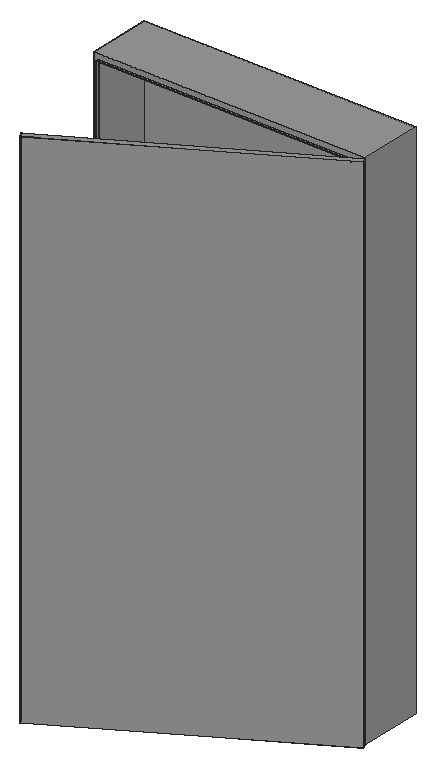
Revit family "Hager-Univers-IP44-D205-H1550-Cl.I-encl-NoHosted-PL-pl", category Electrical Equipment, Revit 2020
Family settings
  Panel Configuration = Two Columns, Circuits Across
  Round Connector Dimension = Use Diameter
  Part Type = Panelboard
  Work Plane-Based = Yes
  Always vertical = Yes
  Cut with Voids When Loaded = No
  Shared = No
  Room Calculation Point = No
Parameters (values of type "Montaż natynkowy IP44 S800 W1550 G205  - FP03TN2")
  Width Control [instance] = if([EF000008 - Szerokość] > Min Width, [EF000008 - Szerokość], Min Width)  # 800 mm
  Type Comments = [HG000003 - Zakres]  # "Univers"
  Thickness Door [instance] = if([EF009171 - Drzwi/pokrywa z materiału o wysokiej wytrzymałości mechanicznej] > 3 mm, 3 mm, [EF009171 - Drzwi/pokrywa z materiału o wysokiej wytrzymałości mechanicznej])  # 1 mm
  Seal Frame Offset [instance] = 17 mm  # constant formula
  Plinth Visibility [instance] = [HG000027 - Wysokość cokołu] > 0 mm  # no
  Min Width [instance] = 100 mm  # constant formula
  Min Depth [instance] = (2 * [EF009170 - Obudowa z materiału o wysokiej wytrzymałości mechanicznej]) + 1 mm  # 3 mm
  Min Height [instance] = 100 mm  # constant formula
  Internal Frame Depth [instance] = (Door System Depth * 0.5)  # 9 mm
  Panel Name [instance] = ""  # (empty or 0)
  Model = ""
  HG000027 - Wysokość cokołu = 0 mm
  HG000026 - Stojąca = no
  HG000024 - Wysokość części dolnej = 600 mm
  HG000023 - Obudowa dwusekcyjna = no
  HG000016 - Widoczność drzwi w widoku 3D [instance] = yes
  HG000015 - Przestrzeń robocza - otwarcie drzwi [instance] = no
  HG000014 - Drzwi prawe [instance] = yes
  HG000013 - Drzwi lewe [instance] = not([HG000014 - Drzwi prawe])  # no
  HG000012 - Kąt otwarcia drzwi [instance] = 30.00°
  HG000010 - Drzwi asymetryczne = no
  HG000009 - Drzwi dwuskrzydłowe = no
  HG000006 - Montaż podtynkowy = no
  HG000004 - Referencja producenta = "FP03TN2"
  HG000003 - Zakres = "Univers"
  HG000002 - Z drzwiami lub pokrywą = yes
  Frame Offset Bottom [instance] = 10 mm  # constant formula
  Frame Offset [instance] = 15 mm  # constant formula
  EF015940 - Pokrywa z wyzwalaczem nadciśnieniowym = no
  EF011959 - Stopień ochrony (NEMA) = ""
  EF009554 - Liczba otworów pod flansze = 6
  EF009212 - Wykonanie pokrywy = "EV000116 - Zamknięty"
  EF009171 - Drzwi/pokrywa z materiału o wysokiej wytrzymałości mechanicznej = 1 mm
  EF009170 - Obudowa z materiału o wysokiej wytrzymałości mechanicznej = 1 mm
  EF008873 - Prąd znamionowy (In) = 250 A
  EF007800 - Do ochrony odgromowej = no
  EF006306 - Z zamkiem = no
  EF006244 - Transparentna pokrywa/drzwi = no
  EF005474 - Stopień ochrony (IP) = "EV006418 - IP44"
  EF004464 - Rodzaj drzwi = "EV002646 - Pojedynczy"
  EF004427 - Liczba modułów = 360
  EF004293 - Odporność udarowa = "EV006815 - IK09"
  EF003532 - Do zastosowań zewnętrznych = no
  EF002950 - Szerokość wyrażona liczbą modułów = 36
  EF001613 - Podtrzymanie funkcji = "EV000494 - Brak"
  EF001596 - Materiał obudowy = "EV000179 - Stal"
  EF001131 - Głębokość wewnętrzna = 205 mm
  EF001088 - Możliwość rozbudowy = yes
  EF000437 - Liczba wejść kablowych = 6
  EF000339 - Rodzaj pokrywy = "EV001012 - Pokrywa"
  EF000266 - Liczba rzędów = 10
  EF000218 - Głębokość wbudowania = 205 mm
  EF000118 - Z płytą montażową = no
  EF000116 - Numer RAL = "9010"
  EF000049 - Głębokość = 205 mm
  EF000040 - Wysokość = 1550 mm
  EF000008 - Szerokość = 800 mm
  EF000007 - Kolor = "EV000202 - Biały"
  EF000003 - Sposób montażu = "EV000384 - Montaż natynkowy"
  Door System Leaf Tolerance [instance] = 1.5 mm  # constant formula
  Door System Depth [instance] = 18 mm  # constant formula
  Door Height [instance] = Height Control - [HG000027 - Wysokość cokołu]  # 1550 mm
  Description = ""
  Default Elevation = 1219.2 mm
  Connector Offset [instance] = Height Control / 2  # 775 mm
  Manufacturer = "Hager"  # constant formula
  Height Control [instance] = if([EF000040 - Wysokość] > Min Height, [EF000040 - Wysokość], Min Height)  # 1550 mm
  Depth Control [instance] = if([EF000049 - Głębokość] > Min Depth, [EF000049 - Głębokość], Min Depth)  # 205 mm
  Bottom Top Plate Trim [instance] = 1.5 mm  # constant formula
  Plinth height Ctrl [instance] = if([HG000027 - Wysokość cokołu] > 0 mm, [HG000027 - Wysokość cokołu], 12 mm)  # 12 mm
Types (4, lengths in mm): name | Width Control | HG000010 - Drzwi asymetryczne | HG000009 - Drzwi dwuskrzydłowe | HG000004 - Referencja producenta | EF009554 - Liczba otworów pod flansze | EF008873 - Prąd znamionowy (In) | EF004464 - Rodzaj drzwi | EF004427 - Liczba modułów | EF002950 - Szerokość wyrażona liczbą modułów | EF000437 - Liczba wejść kablowych | EF000008 - Szerokość
  Montaż natynkowy IP44 S1300 W1550 G205  - FP05TN2 | 1300 | yes | yes | "FP05TN2" | 10 | 400 A | "EV003602 - Podwójny" | 600 | 60 | 10 | 1300
  Montaż natynkowy IP44 S300 W1550 G205  - FP01TN2 | 300 | no | no | "FP01TN2" | 2 | 250 A | "EV002646 - Pojedynczy" | 120 | 12 | 2 | 300
  Montaż natynkowy IP44 S550 W1550 G205  - FP02TN2 | 550 | no | no | "FP02TN2" | 4 | 250 A | "EV002646 - Pojedynczy" | 240 | 24 | 4 | 550
  Montaż natynkowy IP44 S800 W1550 G205  - FP03TN2 | 800 | no | no | "FP03TN2" | 6 | 250 A | "EV002646 - Pojedynczy" | 360 | 36 | 6 | 800
Reference planes
  plane 1 "Center (Front/Back)": y = 0
  plane 2: z = 0
  plane 3 "Center (Left/Right)": x = 0
  plane 4: y = 0
  plane 5: y = 0
  plane 6: z = 0
  plane 7: x = -400
  plane 8: x = 400
  plane 9: x = 399
  plane 10: x = -399
  plane 11: z = 0
  plane 12: z = 1
  plane 13: y = -205
  plane 14: y = -1
  plane 15: x = 0
  plane 16: y = -187
  plane 17: y = -204
  plane 18: y = -186
  plane 19: x = -384
  plane 20: x = 384
  plane 21: z = 11
  plane 22: x = -383
  plane 23: x = 383
  plane 24: z = 0
  plane 25: z = 1550
  plane 26: z = 1550
  plane 27: z = 1534
  plane 28: z = 1549
Forms (mm)
  Extrusion 1, solid, material "Hager_Steel_RAL7035_Light_Grey", detail levels medium+fine
    sketch origin (-208.679, -4572, 0) x (-1, 0, 0) y (0, -1, 0)
      loop
        line (191.321, -4385) -> (-608.679, -4385) -> (-608.679, -4572) -> (191.321, -4572) -> (191.321, -4385)
    from 0 to 1550
  Extrusion 2, void
    sketch origin (-350.771, -205, 1219.2) x (1, 0, 0) y (0, 0, 1)
      loop
        line (-48.229, 329.8) -> (-48.229, -1218.2) -> (749.771, -1218.2) -> (749.771, 329.8) -> (-48.229, 329.8)
    from -19 to -204
  Extrusion 3, void
    sketch origin (-290.084, -187, 1219.2) x (1, 0, 0) y (0, 0, 1)
      loop
        line (-93.916, -1208.2) -> (674.084, -1208.2) -> (674.084, 314.8) -> (-93.916, 314.8) -> (-93.916, -1208.2)
    from 0 to -1
  Extrusion 4, solid, material "Hager_Steel_RAL7035_Light_Grey", visible <- "Plinth Visibility", detail levels medium+fine
    sketch origin (0, 0, 0) x (1, 0, 0) y (0, 1, 0)
      loop
        line (-400, 0) -> (-400, -187) -> (400, -187) -> (400, 0) -> (-400, 0)
    from 0 to 12 <- "Plinth height Ctrl"
  Extrusion 5, solid, material "Hager_Steel_RAL7035_Light_Grey", detail levels coarse
    sketch origin (0, 0, 0) x (1, 0, 0) y (0, 1, 0)
      loop
        line (-400, 0) -> (-400, -205) -> (400, -205) -> (400, 0) -> (-400, 0)
    from 0 to 1550 <- "Height Control"
  Sweep 6, void
    path in 3D
      loop
        line (-400, -187, 12) -> (400, -187, 12) -> (400, 0, 12) -> (-400, 0, 12) -> (-400, -187, 12)
    profile origin (-400, -93.5, 12) x (1, 0, 0) y (0, 0, 1)
      loop
        line (0, 0) -> (0, -1.5) -> (1.5, -1.5)
        arc (1.5, -1.5) -> (1.061, -0.439) -> (0, 0) r 1.5
  Extrusion 7, solid, material "Hager_Steel_RAL7035_Light_Grey", detail levels fine
    sketch origin (-400, -187, 0) x (1, 0, 0) y (0, 0, 1)
      loop
        line (16, 11) -> (784, 11) -> (784, 1534) -> (16, 1534) -> (16, 11)
      loop
        line (15, 10) -> (785, 10) -> (785, 1535) -> (15, 1535) -> (15, 10)
    from 0 to 9 <- "Internal Frame Depth"
Cuts and joins
  Extrusion 2, Extrusion 3 cuts Extrusion 1
  Sweep 6 cuts Extrusion 4
Lines and regions (mm)
  Masking region 1
    outline origin (0, 0, 0) x (1, 0, 0) y (0, 1, 0)
      loop
        line (-400, 0) -> (-400, -205) -> (400, -205) -> (400, 0) -> (-400, 0)
  Masking region 2, detail levels coarse
    outline origin (-290.084, -187, 1219.2) x (-1, 0, 0) y (0, 0, 1)
      loop
        line (-690.084, -1219.2) -> (109.916, -1219.2) -> (109.916, 330.8) -> (-690.084, 330.8) -> (-690.084, -1219.2)
  Masking region 3, detail levels coarse
    outline origin (0, 0, 0) x (0, 1, 0) y (0, 0, 1)
      loop
        line (0, 0) -> (0, 1550) -> (-205, 1550) -> (-205, 0) -> (0, 0)
  Masking region 4, visible <- "Plinth Visibility", detail levels medium+fine
    outline origin (0, 0, 0) x (0, 1, 0) y (0, 0, 1)
      loop
        line (-1.5, 12) -> (-185.5, 12)
        arc (-185.5, 12) -> (-185.939, 10.939) -> (-187, 10.5) r 1.5
        line (-187, 10.5) -> (-187, 0) -> (0, 0) -> (0, 10.5)
        arc (0, 10.5) -> (-1.061, 10.939) -> (-1.5, 12) r 1.5
  Masking region 5, detail levels medium+fine
    outline origin (0, 0, 594.038) x (0, 1, 0) y (0, 0, 1)
      loop
        line (0, -594.038) -> (0, 955.962) -> (-187, 955.962) -> (-187, -594.038) -> (0, -594.038)
  Masking region 6, detail levels medium+fine
    outline origin (-359.7, -187, 1211.883) x (-1, 0, 0) y (0, 0, 1)
      loop
        line (-759.7, -1211.883) -> (40.3, -1211.883) -> (40.3, 338.117) -> (-759.7, 338.117) -> (-759.7, -1211.883)
  Masking region 7, visible <- "Plinth Visibility", detail levels medium+fine
    outline origin (-320.334, -187, 1041.368) x (-1, 0, 0) y (0, 0, 1)
      loop
        line (-720.334, -1041.368) -> (79.666, -1041.368) -> (79.666, -1030.868)
        arc (79.666, -1030.868) -> (78.606, -1030.429) -> (78.166, -1029.368) r 1.5
        line (78.166, -1029.368) -> (-718.834, -1029.368)
        arc (-718.834, -1029.368) -> (-719.273, -1030.429) -> (-720.334, -1030.868) r 1.5
        line (-720.334, -1030.868) -> (-720.334, -1041.368)
  sketch lines
    curve 1: line (-400, 0, 12) -> (-400, -187, 12)
    curve 2: line (-400, -187, 12) -> (400, -187, 12)
    curve 3: line (400, 0, 12) -> (-400, 0, 12)
    curve 4: line (400, -187, 12) -> (400, 0, 12)
Dimensions and locks
  locked: plane 1 "Center (Front/Back)" to plane 5
  "EF009170 - Obudowa z materiału o wysokiej wytrzymałości mechanicznej": plane 7 to plane 10
  "EF009170 - Obudowa z materiału o wysokiej wytrzymałości mechanicznej": plane 8 to plane 9
  equal spacing: plane 7, plane 3 "Center (Left/Right)", plane 8
  "Width Control": plane 7 to plane 8
  "Depth Control": plane 4 to plane 13
  "EF009170 - Obudowa z materiału o wysokiej wytrzymałości mechanicznej": plane 4 to plane 14
  "Height Control": plane 25 to level
  "HG000027 - Wysokość cokołu": plane 11 to level
  "EF009170 - Obudowa z materiału o wysokiej wytrzymałości mechanicznej": plane 12 to plane 11
  "EF009170 - Obudowa z materiału o wysokiej wytrzymałości mechanicznej": plane 17 to plane 13
  "EF009170 - Obudowa z materiału o wysokiej wytrzymałości mechanicznej": plane 18 to plane 16
  "Frame Offset Bottom": plane 21 to plane 12
  "Frame Offset": plane 10 to plane 19
  "Frame Offset": plane 9 to plane 20
  "Door System Depth": plane 16 to plane 13
  "Seal Frame Offset": plane 7 to plane 22
  "Seal Frame Offset": plane 8 to plane 23
  "EF009170 - Obudowa z materiału o wysokiej wytrzymałości mechanicznej": plane 26 to plane 28
  "Frame Offset": plane 28 to plane 27
  "Connector Offset": plane 2 to connector elem
  "Bottom Top Plate Trim": profile plane to Sweep 6 sketch curve
  "Bottom Top Plate Trim": Sweep 6 sketch curve to Sweep 6 sketch curve
  "Plinth height Ctrl": Masking region 4 sketch curve to level
  "Plinth height Ctrl": Masking region 7 sketch curve to level
  "Thickness Door": Extrusion 7 sketch curve to Extrusion 7 sketch curve  (x4)
  "Bottom Top Plate Trim": radius of Sweep 6 sketch curve
  "Bottom Top Plate Trim": radius of Masking region 4 sketch curve  (x2)
  "Bottom Top Plate Trim": radius of Masking region 7 sketch curve  (x2)
  aligned and locked: Extrusion 2 sketch curve to plane 12
  aligned and locked: Extrusion 2 sketch curve to plane 9
  aligned and locked: Extrusion 2 sketch curve to plane 10
  aligned and locked: Extrusion 2 to plane 14
  aligned and locked: Extrusion 1 sketch curve to plane 4
  aligned and locked: plane 8 to Extrusion 1 sketch curve
  aligned and locked: plane 7 to Extrusion 1 sketch curve
  aligned and locked: Extrusion 2 to plane 18
  aligned and locked: Extrusion 3 sketch curve to plane 19
  aligned and locked: plane 20 to Extrusion 3 sketch curve
  aligned and locked: Extrusion 3 to Extrusion 2
  aligned and locked: Extrusion 3 sketch curve to plane 21
  aligned and locked: plane 3 "Center (Left/Right)" to nested 1
  aligned and locked: Extrusion 1 sketch curve to plane 16
  aligned and locked: Extrusion 4 sketch curve to cut or joined group of Extrusion 1, Extrusion 2, Extrusion 3
  aligned and locked: Masking region 1 sketch curve to plane 7
  aligned and locked: Masking region 1 sketch curve to plane 5
  aligned and locked: Masking region 1 sketch curve to plane 8
  aligned and locked: Masking region 2 sketch curve to level
  aligned and locked: level to Masking region 3 sketch curve
  aligned and locked: plane 1 "Center (Front/Back)" to Masking region 3 sketch curve
  aligned and locked: plane 13 to Masking region 3 sketch curve
  aligned and locked: plane 5 to Masking region 4 sketch curve
  aligned and locked: Masking region 2 sketch curve to plane 8
  aligned and locked: Masking region 2 sketch curve to plane 7
  aligned and locked: plane 7 to nested 2
  aligned and locked: nested 2 to plane 5
  aligned and locked: plane 5 to Masking region 5 sketch curve
  aligned and locked: plane 26 to Masking region 5 sketch curve
  aligned and locked: Extrusion 5 sketch curve to plane 8
  aligned and locked: Extrusion 5 sketch curve to plane 7
  aligned and locked: Extrusion 5 sketch curve to plane 5
  aligned and locked: Extrusion 3 sketch curve to plane 27
  aligned and locked: Extrusion 2 sketch curve to plane 28
  aligned and locked: Masking region 2 to plane 25
  aligned and locked: Extrusion 4 to plane 16
  aligned and locked: profile plane to Sweep 6 sketch curve
  aligned and locked: Masking region 5 sketch curve to plane 24
  aligned and locked: level to Masking region 4 sketch curve
  aligned and locked: Masking region 1 to plane 13
  aligned and locked: nested 1 to plane 16
  aligned and locked: Masking region 3 to plane 25
  aligned and locked: plane 16 to Masking region 4 sketch curve
  aligned and locked: Masking region 5 sketch curve to plane 16
  aligned and locked: plane 24 to plane 11
  aligned and locked: plane 26 to plane 25
  aligned and locked: plane 26 to cut or joined group of Extrusion 1, Extrusion 2, Extrusion 3
  aligned and locked: nested 1 to plane 24
  aligned and locked: Extrusion 1 to Extrusion 3
  aligned and locked: Masking region 6 sketch curve to plane 8
  aligned and locked: Masking region 6 sketch curve to plane 24
  aligned and locked: Masking region 6 sketch curve to plane 7
  aligned and locked: Masking region 6 sketch curve to plane 26
  aligned and locked: Masking region 7 sketch curve to plane 7
  aligned and locked: level to Masking region 7 sketch curve
  aligned and locked: Masking region 7 sketch curve to plane 8
  aligned and locked: Extrusion 7 sketch curve to cut or joined group of Extrusion 1, Extrusion 2, Extrusion 3  (x4)
Automatic sketch dimensions
  plane 19 to Extrusion 3 sketch curve = 0 mm
  Extrusion 3 sketch curve to plane 20 = 0 mm
  Extrusion 3 sketch curve to plane 21 = 0 mm
  Extrusion 4 sketch curve to plane 7 = 0 mm
  Extrusion 4 sketch curve to plane 8 = 0 mm
  Extrusion 4 sketch curve to plane 16 = 0 mm
  Masking region 1 sketch curve to plane 13 = 0 mm
  Masking region 2 sketch curve to plane 25 = 0 mm
  Masking region 3 sketch curve to plane 25 = 0 mm
  Extrusion 5 sketch curve to plane 13 = 0 mm
  profile plane to Sweep 6 sketch curve = 0 mm
Nested families
  nested 1: "EC000058_Univers_Door" at (0, -187, 0), Double <- "HG000009 - Drzwi dwuskrzydłowe", Transparent <- "EF006244 - Transparentna pokrywa/drzwi", Angle <- "HG000012 - Kąt otwarcia drzwi", Door_Right <- "HG000014 - Drzwi prawe", Assymetrical <- "HG000010 - Drzwi asymetryczne", Door <- "HG000002 - Z drzwiami lub pokrywą", Width_Ctrl <- "Width Control", 3d_Door <- "HG000016 - Widoczność drzwi w widoku 3D", Clearance <- "HG000015 - Przestrzeń robocza - otwarcie drzwi", Door_Left <- "HG000013 - Drzwi lewe", Width <- "Width Control", Door_Depth <- "Door System Depth", Leaf_Tolerance <- "Door System Leaf Tolerance", Height <- "Door Height", Lock_Visibility <- "EF006306 - Z zamkiem", Thickness <- "Thickness Door", type "EC000058_Univers_Door", detail levels medium+fine
    with min_wh 3 mm, Width_Ctrl 800 mm, Width 800 mm, Transparent no, Thickness 1 mm, Seal_Material Hager_Rubber, Lock_Visibility no, Lock_Material Hager_Plastic_RAL9005_Jet_Black, Leaf_Width 800 mm, Leaf_Tolerance_External_Sides 0 mm, Leaf_Tolerance 1.5 mm, Leaf_Offset 0 mm, Leaf_Height 1547 mm, Leaf_2_Width 800 mm, Leaf_2_Offset 400 mm, Leaf_1_Width 800 mm, Leaf_1_Offset 400 mm, Height_Ctrl 1550 mm, Height 1550 mm, Glass_Material Hager_Glass, Double_Clearance_Ctrl no, Double no, Door_Right_Ctrl yes, Door_Right yes, Door_Material Hager_Steel_RAL7035_Light_Grey, Door_Left_Ctrl no, Door_Left no, Door_Depth 18 mm, Door yes, Clearance_Material Hager_Clearance, Clearance_Depth 800 mm, Clearance_Ctrl no, Clearance no, Assymetrical no, Angle 30.00°, 3d_Door yes
  nested 2: "Hager_Enclosure_Symbol" at (-400, 0, 0), Height <- "Depth Control", Width <- "Width Control", type "Hager_Enclosure_Symbol"
    with Width_Ctrl 800 mm, Width 800 mm, Height_Ctrl 205 mm, Height 205 mm, A_Width_Int 13.453 mm, A_Width 161.438 mm, A_Height_Ctrl 179.375 mm, A_Height 179.375 mm
Connectors
  electrical at (0, 0, 775)
    settings: on plane 1 "Center (Front/Back)", index 1, voltage 0 V, apparent load 0 VA, apparent load phase1 0 VA, apparent load phase2 0 VA, apparent load phase3 0 VA, power factor 1, load classification "Other", number of poles 1, system type 30, power factor state 1, is connector primary yes, connector utility no, sub classification motor no, connector description ""
Definition of nested family "EC000058_Univers_Door"
  Parameters (values of type "EC000058_Univers_Door")
    min_wh [instance] = (2 * Thickness) + 1 mm  # 11 mm
    Width_Ctrl [instance] = 400 mm
    Width [instance] = 500 mm
    Transparent [instance] = yes
    Thickness [instance] = 5 mm
    Seal_Material [instance] = none
    Lock_Visibility [instance] = yes
    Lock_Material [instance] = none
    Leaf_Width [instance] = if((Width_Ctrl - 2 * Leaf_Tolerance_External_Sides) > 0 mm, (Width_Ctrl - 2 * Leaf_Tolerance_External_Sides), min_wh)  # 400 mm
    Leaf_Tolerance_External_Sides [instance] = 0 mm  # constant formula
    Leaf_Tolerance [instance] = 1.5 mm
    Leaf_Offset [instance] = 0 mm  # constant formula
    Leaf_Height [instance] = if((Height_Ctrl - 2 * Leaf_Tolerance) > 0 mm, (Height_Ctrl - 2 * Leaf_Tolerance), min_wh)  # 497 mm
    Leaf_2_Width [instance] = if(and(and(Double, Assymetrical), Door_Left), (Leaf_Width / 3) - (Leaf_Tolerance / 2), if(and(and(Double, Assymetrical), Door_Right), (Leaf_Width / 3) * 2 - (Leaf_Tolerance / 2), if(and(Double, not(Assymetrical)), (Leaf_Width / 2) - Leaf_Tolerance, Leaf_Width)))  # 400 mm
    Leaf_2_Offset [instance] = if(and(Double, Assymetrical), Leaf_2_Width / 2, if(and(Double, not(Assymetrical)), Leaf_Width / 4, Leaf_Width / 2))  # 200 mm
    Leaf_1_Width [instance] = if(and(and(Double, Assymetrical), Door_Right), (Leaf_Width / 3) - (Leaf_Tolerance / 2), if(and(and(Double, Assymetrical), Door_Left), (Width / 3) * 2 - (Leaf_Tolerance / 2), if(and(Double, not(Assymetrical)), (Leaf_Width / 2) - Leaf_Tolerance, Leaf_Width)))  # 400 mm
    Leaf_1_Offset [instance] = if(and(Double, Assymetrical), Leaf_1_Width / 2, if(and(Double, not(Assymetrical)), Leaf_Width / 4, Leaf_Width / 2))  # 200 mm
    Height_Ctrl [instance] = if(Height > min_wh, Height, min_wh)  # 500 mm
    Height [instance] = 500 mm
    Glass_Material [instance] = none
    Double_Clearance_Ctrl [instance] = and(Double, Clearance)  # no
    Double [instance] = no
    Door_Right_Ctrl [instance] = and(or(Door_Right, Double), Door)  # yes
    Door_Right [instance] = yes
    Door_Material [instance] = none
    Door_Left_Ctrl [instance] = and(or(Door_Left, Double), Door)  # no
    Door_Left [instance] = no
    Door_Depth [instance] = 30 mm
    Door [instance] = yes
    Default Elevation = 1219.2 mm
    Clearance_Material [instance] = none
    Clearance_Depth [instance] = if(Leaf_1_Width > Leaf_2_Width, Leaf_1_Width, Leaf_2_Width)  # 400 mm
    Clearance_Ctrl [instance] = and(not(Double), Clearance)  # yes
    Clearance [instance] = yes
    Assymetrical [instance] = yes
    Angle [instance] = 30.00°
    3d_Door [instance] = yes
  Reference planes
    plane 1 "Center (Front/Back)": y = 0
    plane 2 "Bottom": z = 0
    plane 3 "Center (Left/Right)": x = 0
    plane 4: z = 500
    plane 5: x = -200
    plane 6: x = 200
    plane 7: z = 500
    plane 8: x = -200
    plane 9: z = 0
    plane 10: x = 200
    plane 11: y = 0
    plane 12: z = 1.5
    plane 13: x = -600
    plane 14: y = -400
    plane 15: x = 600
    plane 16: x = 0
    plane 17: x = 0
    plane 18: x = -200
    plane 19: x = 200
    plane 20: z = 498.5
  Forms (mm)
    Extrusion 1, solid, material <- "Clearance_Material", visible <- "Double_Clearance_Ctrl"
      sketch origin (1200, 0, 0) x (1, 0, 0) y (0, 0, -1)
        loop
          line (-1800, -498.5) -> (-600, -498.5) -> (-600, 0) -> (-1800, 0) -> (-1800, -498.5)
      from 0 to -400
  Dimensions and locks
    equal spacing: plane 5, plane 3 "Center (Left/Right)", plane 6
    "Width_Ctrl": plane 5 to plane 6
    "Leaf_Offset": plane 5 to plane 8
    "Leaf_Offset": plane 6 to plane 10
    "Leaf_Offset": plane 9 to level
    "Leaf_Offset": plane 4 to plane 7
    "Height_Ctrl": plane 4 to level
    "Leaf_Tolerance": plane 12 to plane 9
    locked: plane 11 to plane 1 "Center (Front/Back)"
    "Leaf_1_Offset": plane 18 to plane 16
    "Leaf_2_Offset": plane 17 to plane 19
    "Leaf_1_Width": plane 13 to plane 8
    "Leaf_2_Width": plane 10 to plane 15
    "Clearance_Depth": plane 14 to plane 1 "Center (Front/Back)"
    "Leaf_Tolerance_External_Sides": plane 8 to plane 18
    "Leaf_Tolerance_External_Sides": plane 19 to plane 10
    "Leaf_Tolerance": plane 7 to plane 20
    aligned and locked: level to plane 2 "Bottom"
    aligned and locked: nested 1 to plane 16
    aligned and locked: nested 2 to plane 17
    aligned and locked: Extrusion 1 to plane 13
    aligned and locked: plane 15 to Extrusion 1
    aligned and locked: Extrusion 1 to plane 14
    aligned and locked: plane 12 to nested 1
    aligned and locked: nested 2 to plane 12
    aligned and locked: Extrusion 1 to plane 11
    aligned and locked: plane 20 to Extrusion 1
    aligned and locked: nested 2 to plane 11
    aligned and locked: nested 1 to plane 11
  Automatic sketch dimensions
    Extrusion 1 sketch curve to level = 0 mm
    plane 5 to Extrusion 1 sketch curve = 400 mm
    plane 6 to Extrusion 1 sketch curve = 400 mm
    Extrusion 1 sketch curve to plane 4 = 1.5 mm
  Nested families
    nested 1: "EC000058_Univers_Door_Leaf" at (0, 0, 1.5), Width <- "Leaf_1_Width", visible <- "Door_Left_Ctrl", Leaf_Height <- "Leaf_Height", Angle <- "Angle", 3d_Door <- "3d_Door", Transparent <- "Transparent", Clearance Material <- "Clearance_Material", Clearance <- "Clearance_Ctrl", Door_Material <- "Door_Material", Glass_Material <- "Glass_Material", Door_Depth <- "Door_Depth", Lock_Material <- "Lock_Material", Seal_Material <- "Seal_Material", Lock_Visibility <- "Lock_Visibility", Thickness <- "Thickness", type "EC000058_Univers_Door_Leaf"
      with Width 400 mm, Transparent_Glass_Offset 30 mm, Transparent_Ctrl yes, Transparent yes, Thickness 5 mm, Standard no, Seal_Material none, Seal_D2 8 mm, Seal_D1 1 mm, Offset_Internal_Frame 10 mm, Lock_Width 20 mm, Lock_Visibility_3d yes, Lock_Visibility yes, Lock_Thickness_3 3 mm, Lock_Thickness_2 1 mm, Lock_Thickness_1 3 mm, Lock_Radius_Offset_2 16 mm, Lock_Radius_Offset_1 15 mm, Lock_Radius_2 5 mm, Lock_Radius 6 mm, Lock_Offset 5 mm, Lock_Material none, Lock_Height 80 mm, Lock_Cover_Top_Offset_2d 17 mm, Lock_Cover_Height -65 mm, Leaf_Height 497 mm, Internal_Seal_Thickness 8 mm, Internal_Seal_Depth_2 4.5 mm, Internal_Frame_Depth 25 mm, Glass_Thickness -1 mm, Glass_Offset -2 mm, Glass_Material none, Door_Material none, Door_Depth 30 mm, Clearance Material none, Clearance yes, Angle_Ctrl 30.00°, Angle 30.00°, 3d_Door yes
    nested 2: "EC000058_Univers_Door_Leaf" at (0, 0, 1.5) x (-1, 0, 0) z (0, 0, 1), Width <- "Leaf_2_Width", visible <- "Door_Right_Ctrl", Leaf_Height <- "Leaf_Height", Angle <- "Angle", 3d_Door <- "3d_Door", Transparent <- "Transparent", Clearance Material <- "Clearance_Material", Clearance <- "Clearance_Ctrl", Door_Material <- "Door_Material", Glass_Material <- "Glass_Material", Door_Depth <- "Door_Depth", Lock_Material <- "Lock_Material", Seal_Material <- "Seal_Material", Lock_Visibility <- "Lock_Visibility", Thickness <- "Thickness", type "EC000058_Univers_Door_Leaf"
      with Width 400 mm, Transparent_Glass_Offset 30 mm, Transparent_Ctrl yes, Transparent yes, Thickness 5 mm, Standard no, Seal_Material none, Seal_D2 8 mm, Seal_D1 1 mm, Offset_Internal_Frame 10 mm, Lock_Width 20 mm, Lock_Visibility_3d yes, Lock_Visibility yes, Lock_Thickness_3 3 mm, Lock_Thickness_2 1 mm, Lock_Thickness_1 3 mm, Lock_Radius_Offset_2 16 mm, Lock_Radius_Offset_1 15 mm, Lock_Radius_2 5 mm, Lock_Radius 6 mm, Lock_Offset 5 mm, Lock_Material none, Lock_Height 80 mm, Lock_Cover_Top_Offset_2d 17 mm, Lock_Cover_Height -65 mm, Leaf_Height 497 mm, Internal_Seal_Thickness 8 mm, Internal_Seal_Depth_2 4.5 mm, Internal_Frame_Depth 25 mm, Glass_Thickness -1 mm, Glass_Offset -2 mm, Glass_Material none, Door_Material none, Door_Depth 30 mm, Clearance Material none, Clearance yes, Angle_Ctrl 30.00°, Angle 30.00°, 3d_Door yes
  Definition of nested family "EC000058_Univers_Door_Leaf"
    Parameters (values of type "EC000058_Univers_Door_Leaf")
      Width [instance] = 2000 mm
      Transparent_Glass_Offset [instance] = 30 mm
      Transparent_Ctrl [instance] = and(Transparent, [3d_Door])  # yes
      Transparent [instance] = yes
      Thickness [instance] = 5 mm
      Standard [instance] = and(not(Transparent), [3d_Door])  # no
      Seal_Material [instance] = none
      Seal_D2 [instance] = 8 mm  # constant formula
      Seal_D1 [instance] = 1 mm  # constant formula
      Offset_Internal_Frame [instance] = 10 mm  # constant formula
      Lock_Width [instance] = 20 mm  # constant formula
      Lock_Visibility_3d [instance] = and(Lock_Visibility, [3d_Door])  # yes
      Lock_Visibility [instance] = yes
      Lock_Thickness_3 [instance] = 3 mm  # constant formula
      Lock_Thickness_2 [instance] = 1 mm  # constant formula
      Lock_Thickness_1 [instance] = 3 mm  # constant formula
      Lock_Radius_Offset_2 [instance] = Lock_Radius_Offset_1 + 1 mm  # 16 mm
      Lock_Radius_Offset_1 [instance] = 15 mm  # constant formula
      Lock_Radius_2 [instance] = Lock_Radius - 1 mm  # 5 mm
      Lock_Radius [instance] = 6 mm  # constant formula
      Lock_Offset [instance] = 5 mm  # constant formula
      Lock_Material [instance] = none
      Lock_Height [instance] = 80 mm  # constant formula
      Lock_Cover_Top_Offset_2d [instance] = Lock_Radius_Offset_2 + 1 mm  # 17 mm
      Lock_Cover_Height [instance] = -(Lock_Height - Lock_Radius_Offset_1)  # -65 mm
      Leaf_Height [instance] = 2720.336 mm
      Internal_Seal_Thickness [instance] = 8 mm  # constant formula
      Internal_Seal_Depth_2 [instance] = 4.5 mm  # constant formula
      Internal_Frame_Depth [instance] = if(Door_Depth - Thickness > 5 mm, Door_Depth - Thickness, 5 mm)  # 25 mm
      Glass_Thickness [instance] = if(Thickness > 15 mm, Glass_Offset + 10 mm, -1 mm)  # -1 mm
      Glass_Offset [instance] = if(Thickness > 15 mm, -(Thickness + 10 mm) / 2, -2 mm)  # -2 mm
      Glass_Material [instance] = none
      Door_Material [instance] = none
      Door_Depth [instance] = 30 mm
      Default Elevation = 0 mm
      Clearance Material [instance] = none
      Clearance [instance] = yes
      Angle_Ctrl [instance] = if(Angle > 180.00°, 180.00°, Angle)  # 90.00°
      Angle [instance] = 90.00°
      3d_Door [instance] = yes
    Reference planes
      plane 1 "Center (Front/Back)": y = 0
      plane 2: z = 0
      plane 3 "Center (Left/Right)": x = 0
      plane 4: y = 2000
      plane 5: x = -1000
      plane 6: x = 1000
      plane 7: x = -3000
      plane 8: z = 2720.336
      plane 9: z = 30
      plane 10: z = 2690.336
      plane 11: x = 970
      plane 12: x = -970
      plane 13: y = -3
      plane 14: z = 107.833
      plane 15: y = -5
      plane 16: y = -223.314
      plane 17: x = -1000
      plane 18: z = 1360.168
      plane 19: y = 30
    Forms (mm)
      Extrusion 1, solid, material <- "Clearance Material", visible <- "Clearance"
        sketch origin (0, 0, 0) x (1, 0, 0) y (0, 0, 1)
          loop
            line (-3000, 2720.336) -> (-3000, 0) -> (1000, 0) -> (1000, 2720.336) -> (-3000, 2720.336)
        from 0 to -2000
      Extrusion 2, solid, material <- "Door_Material", visible <- "Standard", detail levels medium+fine
        sketch origin (-1000, 0, 0) x (0, 1, 0) y (-1, 0, 0)
          loop
            line (0, 30) -> (0, 25) -> (2000, 25) -> (2000, 30) -> (0, 30)
        from 0 to 2720.336 <- "Leaf_Height"
      Extrusion 3, solid, material <- "Door_Material", visible <- "Transparent_Ctrl", detail levels medium+fine
        sketch origin (-1000, 0, 0) x (0, 1, 0) y (-1, 0, 0)
          loop
            line (0, 25) -> (2000, 25) -> (2000, 30) -> (0, 30) -> (0, 25)
        from 0 to 2720.336 <- "Leaf_Height"
      Extrusion 4, void
        sketch origin (-1025, 2000, 0) x (0, 1, 0) y (0, 0, -1)
          loop
            line (-30, -2690.336) -> (-30, -30) -> (-1970, -30) -> (-1970, -2690.336) -> (-30, -2690.336)
        from 0 to 5 <- "Thickness"
      Sweep 5, solid, material <- "Seal_Material", visible <- "Transparent_Ctrl", detail levels fine
        path in 3D
          loop
            line (-1025, 30, 30) -> (-1025, 30, 2690.336) -> (-1025, 1970, 2690.336) -> (-1025, 1970, 30) -> (-1025, 30, 30)
        profile origin (-1025, 1000, 30) x (1, 0, 0) y (0, 0, 1)
          loop
            line (0, 0) -> (0, -8) -> (1, -8) -> (1, 0) -> (0, 0)
      Extrusion 6, solid, material <- "Glass_Material", visible <- "Transparent_Ctrl", detail levels medium+fine
        sketch origin (-1030, 0, 0) x (0, 1, 0) y (0, 0, -1)
          loop
            line (1970, -2690.336) -> (1970, -30) -> (30, -30) -> (30, -2690.336) -> (1970, -2690.336)
        from -2 <- "Glass_Offset" to -1 <- "Glass_Thickness"
      Extrusion 7, solid, material <- "Door_Material", visible <- "3d_Door", detail levels medium+fine
        sketch origin (-1025, 2000, 0) x (0, -1, 0) y (0, 0, -1)
          loop
            line (0, -2720.336) -> (2000, -2720.336) -> (2000, 0) -> (0, 0) -> (0, -2720.336)
          loop
            line (1995, -5) -> (5, -5) -> (5, -2715.336) -> (1995, -2715.336) -> (1995, -5)
        from 0 to 25 <- "Internal_Frame_Depth"
      Sweep 8, solid, material <- "Seal_Material", visible <- "Transparent_Ctrl", detail levels fine
        path in 3D
          loop
            line (-1025, 0, 0) -> (-1025, 2000, 0) -> (-1025, 2000, 2720.336) -> (-1025, 0, 2720.336) -> (-1025, 0, 0)
        profile origin (-1025, 0, 1360.168) x (1, 0, 0) y (0, 1, 0)
          loop
            line (0, 10) -> (2.975, 10)
            arc (2.975, 10) -> (4.053, 10.447) -> (4.5, 11.525) r 1.525
            line (4.5, 11.525) -> (4.5, 16.527)
            arc (4.5, 16.527) -> (4.069, 17.569) -> (3.027, 18) r 1.473
            line (3.027, 18) -> (0, 18) -> (0, 10)
      Extrusion 9, solid, material <- "Lock_Material", visible <- "Lock_Visibility_3d", detail levels fine
        sketch origin (-1030, 0, 0) x (0, 1, 0) y (0, 0, -1)
          loop
            arc (1993.5, -1400.168) -> (1994.561, -1399.729) -> (1995, -1398.668) r 1.5
            line (1995, -1398.668) -> (1995, -1320.168) -> (1975, -1320.168) -> (1975, -1398.668)
            arc (1975, -1398.668) -> (1975.439, -1399.729) -> (1976.5, -1400.168) r 1.5
            line (1976.5, -1400.168) -> (1993.5, -1400.168)
        from 3 <- "Lock_Thickness_1" to 0
      Blend 10, solid, material <- "Lock_Material", visible <- "Lock_Visibility_3d", detail levels fine
        base sketch origin (-1033, 0, 0) x (0, 1, 0) y (0, 0, -1)
          loop
            line (1975, -1320.168) -> (1975, -1398.668)
            arc (1975, -1398.668) -> (1975.439, -1399.729) -> (1976.5, -1400.168) r 1.5
            line (1976.5, -1400.168) -> (1993.5, -1400.168)
            arc (1993.5, -1400.168) -> (1994.561, -1399.729) -> (1995, -1398.668) r 1.5
            line (1995, -1398.668) -> (1995, -1320.168) -> (1975, -1320.168)
        top sketch origin (-1033, 0, 0) x (0, 1, 0) y (0, 0, -1)
          loop
            line (1976, -1320.168) -> (1976, -1398.668)
            arc (1976, -1398.668) -> (1976.146, -1399.022) -> (1976.5, -1399.168) r 0.5
            line (1976.5, -1399.168) -> (1993.5, -1399.168)
            arc (1993.5, -1399.168) -> (1993.854, -1399.022) -> (1994, -1398.668) r 0.5
            line (1994, -1398.668) -> (1994, -1320.168) -> (1976, -1320.168)
        from 0 to 1 <- "Lock_Thickness_2"
      Blend 11, solid, material <- "Lock_Material", visible <- "Lock_Visibility_3d", detail levels fine
        base sketch origin (-1034, 0, 0) x (0, 1, 0) y (0, 0, -1)
          loop
            line (1978, -1320.168) -> (1978, -1384.168)
            arc (1978, -1384.168) -> (1985, -1391.168) -> (1992, -1384.168) r 7
            line (1992, -1384.168) -> (1992, -1320.168) -> (1978, -1320.168)
        top sketch origin (-1034, 0, 0) x (0, 1, 0) y (0, 0, -1)
          loop
            line (1991, -1320.168) -> (1979, -1320.168) -> (1979, -1383.168)
            arc (1979, -1383.168) -> (1985, -1389.168) -> (1991, -1383.168) r 6
            line (1991, -1383.168) -> (1991, -1320.168)
        from 0 to 3 <- "Lock_Thickness_3"
      Extrusion 12, solid, material <- "Lock_Material", visible <- "Lock_Visibility_3d", detail levels fine
        sketch origin (-1030, 1975, 1320.168) x (1, 0, 0) y (0, -1, 0)
          loop
            line (-7, -19) -> (-7, -1) -> (0, -1) -> (0, 0) -> (-8, 0) -> (-8, -20) -> (0, -20) -> (0, -19) -> (-7, -19)
        from 0 to -65 <- "Lock_Cover_Height"
      Extrusion 13, void
        sketch origin (-1038, 1995, 1320.168) x (-1, 0, 0) y (0, 0, -1)
          loop
            line (-5, -65) -> (0, -65) -> (-5, -60) -> (-5, -65)
        from 0 to 20 <- "Lock_Width"
      Extrusion 14, void
        sketch origin (-1038, 1975, 1320.168) x (0, -1, 0) y (0, 0, -1)
          loop
            circle (-10, -15.995) r 6
          loop
            circle (-10, -15.995) r 5
        from 0 to 2
      Extrusion 15, solid, material <- "Lock_Material", visible <- "Lock_Visibility_3d", detail levels medium
        sketch origin (-1030, 0, 0) x (0, 1, 0) y (0, 0, -1)
          loop
            arc (1993.5, -1400.168) -> (1994.561, -1399.729) -> (1995, -1398.668) r 1.5
            line (1995, -1398.668) -> (1995, -1320.168) -> (1975, -1320.168) -> (1975, -1398.668)
            arc (1975, -1398.668) -> (1975.439, -1399.729) -> (1976.5, -1400.168) r 1.5
            line (1976.5, -1400.168) -> (1993.5, -1400.168)
        from 8 to 0
    Cuts and joins
      Extrusion 4 cuts Extrusion 3
      Extrusion 13, Extrusion 14 cuts Extrusion 9
      Extrusion 14 cuts Blend 11
      Extrusion 13, Extrusion 14 cuts Extrusion 12
      joined: Extrusion 9, Blend 10, Blend 11, Extrusion 12
      Extrusion 14 cuts Extrusion 15
    Lines and regions (mm)
      Masking region 1, visible <- "Lock_Visibility", detail levels fine
        outline origin (0, 0, 0) x (0, 1, 0) y (0, 0, 1)
          loop
            line (30, 1320.168) -> (33, 1320.168) -> (33, 1400.168) -> (30, 1400.168) -> (30, 1320.168)
      Masking region 2, visible <- "Lock_Visibility", detail levels fine
        outline origin (0, 3.143, 0) x (0, 1, 0) y (0, 0, 1)
          loop
            line (29.857, 1354.168) -> (30.857, 1354.168) -> (30.857, 1366.168) -> (29.857, 1366.168) -> (29.857, 1354.168)
      Masking region 3, detail levels medium+fine
        outline origin (0, 0, 0) x (0, 1, 0) y (0, 0, 1)
          loop
            line (0, 0) -> (30, 0) -> (30, 2720.336) -> (0, 2720.336) -> (0, 0)
      Masking region 4, detail levels medium+fine
        outline origin (0, 0, 0) x (1, 0, 0) y (0, 0, 1)
          loop
            line (-1000, 2720.336) -> (-1000, 0) -> (1000, 0) -> (1000, 2720.336) -> (-1000, 2720.336)
      Masking region 5, visible <- "Lock_Visibility", detail levels fine
        outline origin (-47.116, 0, 0) x (1, 0, 0) y (0, 0, 1)
          loop
            arc (1024.616, 1399.168) -> (1023.556, 1398.729) -> (1023.116, 1397.668) r 1.5
            line (1023.116, 1397.668) -> (1023.116, 1320.168) -> (1041.116, 1320.168) -> (1041.116, 1397.668)
            arc (1041.116, 1397.668) -> (1040.677, 1398.729) -> (1039.616, 1399.168) r 1.5
            line (1039.616, 1399.168) -> (1024.616, 1399.168)
      Masking region 6, visible <- "Lock_Visibility", detail levels medium+fine
        outline origin (-25, 0, 0) x (1, 0, 0) y (0, 0, 1)
          loop
            arc (1001.5, 1400.168) -> (1000.439, 1399.729) -> (1000, 1398.668) r 1.5
            line (1000, 1398.668) -> (1000, 1320.168) -> (1020, 1320.168) -> (1020, 1398.668)
            arc (1020, 1398.668) -> (1019.561, 1399.729) -> (1018.5, 1400.168) r 1.5
            line (1018.5, 1400.168) -> (1001.5, 1400.168)
      Masking region 7, visible <- "Lock_Visibility", detail levels fine
        outline origin (-73.735, 0, 0) x (1, 0, 0) y (0, 0, 1)
          loop
            line (1051.735, 1382.168) -> (1065.735, 1382.168) -> (1065.735, 1384.168)
            arc (1065.735, 1384.168) -> (1058.735, 1391.168) -> (1051.735, 1384.168) r 7
            line (1051.735, 1384.168) -> (1051.735, 1382.168)
      Masking region 8, visible <- "Lock_Visibility", detail levels fine
        outline origin (-73.735, 0, 0) x (1, 0, 0) y (0, 0, 1)
          loop
            line (1052.735, 1382.168) -> (1064.735, 1382.168) -> (1064.735, 1383.168)
            arc (1064.735, 1383.168) -> (1058.735, 1389.168) -> (1052.735, 1383.168) r 6
            line (1052.735, 1383.168) -> (1052.735, 1382.168)
      Masking region 9, visible <- "Lock_Visibility", detail levels fine
        outline origin (-25, 0, 0) x (1, 0, 0) y (0, 0, 1)
          loop
            line (1020, 1320.168) -> (1020, 1382.168) -> (1000, 1382.168) -> (1000, 1320.168) -> (1020, 1320.168)
      Masking region 10, detail levels medium+fine
        outline origin (0, 0, 0) x (1, 0, 0) y (0, 0, 1)
          loop
            circle (985, 1335.144) r 6
      Masking region 11, detail levels fine
        outline origin (0, 0, 0) x (1, 0, 0) y (0, 0, 1)
          loop
            circle (985, 1335.144) r 5
      Masking region 12, visible <- "Lock_Visibility", detail levels fine
        outline origin (0, 12.767, 0) x (0, 1, 0) y (0, 0, 1)
          loop
            line (20.233, 1320.168) -> (21.233, 1320.168) -> (21.233, 1399.168) -> (20.233, 1400.168) -> (20.233, 1320.168)
      Masking region 13, visible <- "Lock_Visibility", detail levels fine
        outline origin (0, 13.767, -10) x (0, 1, 0) y (0, 0, 1)
          loop
            line (20.233, 1330.168) -> (23.233, 1330.168) -> (23.233, 1399.168) -> (20.233, 1402.168) -> (20.233, 1330.168)
      Masking region 14, visible <- "Lock_Visibility", detail levels fine
        outline origin (0, 12.767, -10) x (0, 1, 0) y (0, 0, 1)
          loop
            line (20.233, 1330.168) -> (25.233, 1330.168) -> (25.233, 1399.305) -> (20.233, 1394.305) -> (20.233, 1330.168)
      Masking region 15, visible <- "Lock_Visibility", detail levels medium
        outline origin (0, 0, 0) x (0, 1, 0) y (0, 0, 1)
          loop
            line (30, 1320.168) -> (38, 1320.168) -> (38, 1400.168) -> (30, 1400.168) -> (30, 1320.168)
      Masking region 16, visible <- "Lock_Visibility", detail levels fine
        outline origin (-1000, 0, 0) x (0, 1, 0) y (-1, 0, 0)
          loop
            line (1975, 30) -> (1995, 30) -> (1995, 38) -> (1975, 38) -> (1975, 30)
          loop
            line (1979, 37) -> (1976, 37) -> (1976, 34) -> (1978, 34) -> (1979, 37)
          loop
            line (1994, 37) -> (1991, 37) -> (1992, 34) -> (1994, 34) -> (1994, 37)
      Masking region 17, visible <- "Lock_Visibility", detail levels medium
        outline origin (-1000, 0, 0) x (0, 1, 0) y (-1, 0, 0)
          loop
            line (1975, 30) -> (1995, 30) -> (1995, 38) -> (1975, 38) -> (1975, 30)
      symbolic lines
        curve 1: line (1000, 0, 0) -> (-3000, 0, 0)
        curve 2: arc (1000, 0, 0) -> (-1000, 2000, 0) -> (-3000, 0, 0) r 2000
        curve 4: line (-1030, 0, 0) -> (-1030, 2000, 0)
      reference lines
        curve 3: line (-1000, 0, 0) -> (-1000, 2000, 0)
      symbolic lines, detail levels medium+fine
        curve 5: line (-1030, 2000, 0) -> (-1025, 2000, 0)
        curve 7: line (-1025, 0, 0) -> (-1030, 0, 0)
        curve 8: line (-1025, 0, 0) -> (-1000, 0, 0)
        curve 9: line (-1000, 0, 0) -> (-1000, 2000, 0)
        curve 10: line (-1000, 2000, 0) -> (-1025, 2000, 0)
      symbolic lines, detail levels fine
        curve 6: line (-1025, 2000, 0) -> (-1025, 0, 0)
      sketch lines
        curve 11: line (-1025, 0, 2720.336) -> (-1025, 0, 0)
        curve 12: line (-1025, 2000, 0) -> (-1025, 0, 0)
        curve 13: line (-1025, 2000, 2720.336) -> (-1025, 2000, 0)
        curve 14: line (-1025, 0, 2720.336) -> (-1025, 2000, 2720.336)
        curve 15: line (-1025, 1970, 30) -> (-1025, 30, 30)
        curve 16: line (-1025, 30, 30) -> (-1025, 30, 2690.336)
        curve 17: line (-1025, 1970, 2690.336) -> (-1025, 1970, 30)
        curve 18: line (-1025, 30, 2690.336) -> (-1025, 1970, 2690.336)
      symbolic lines, visible <- "Transparent", detail levels medium+fine
        curve 19: line (-970, 0, 2690.336) -> (970, 0, 2690.336)
        curve 20: line (-970, 0, 30) -> (-970, 0, 2690.336)
        curve 21: line (970, 0, 30) -> (-970, 0, 30)
        curve 22: line (970, 0, 2690.336) -> (970, 0, 30)
    Dimensions and locks
      "Width": plane 1 "Center (Front/Back)" to plane 4
      equal spacing: plane 5, plane 3 "Center (Left/Right)", plane 6
      "Width": plane 5 to plane 6
      "Width": plane 7 to plane 5
      "Leaf_Height": plane 8 to level
      "Width": curve 5 to curve 3
      "Width": curve 3 to curve 3
      plane 8 to plane 10 = 30 mm
      plane 9 to level = 30 mm
      plane 12 to plane 5 = 30 mm
      plane 6 to plane 11 = 30 mm
      Extrusion 1 to Extrusion 4 sketch curve = 30 mm
      "Transparent_Glass_Offset": curve 3 to Extrusion 4 sketch curve
      "Transparent_Glass_Offset": Extrusion 4 sketch curve to cut or joined group of Extrusion 3, Extrusion 4  (x2)
      cut or joined group of Extrusion 3, Extrusion 4 to Extrusion 6 sketch curve = 30 mm
      "Transparent_Glass_Offset": cut or joined group of Extrusion 3, Extrusion 4 to Extrusion 4 sketch curve
      "Thickness": curve 6 to curve 4
      "Thickness": Extrusion 7 sketch curve to Extrusion 7 sketch curve  (x4)
      "Door_Depth": curve 4 to curve 3
      "Offset_Internal_Frame": profile plane to Sweep 8 sketch curve
      "Internal_Seal_Thickness": Sweep 8 sketch curve to Sweep 8 sketch curve
      "Internal_Seal_Depth_2": profile plane to Sweep 8 sketch curve
      "Seal_D1": profile plane to Sweep 5 sketch curve
      "Seal_D2": profile plane to Sweep 5 sketch curve
      "Thickness": Extrusion 2 sketch curve to Extrusion 2 sketch curve
      equal spacing: Extrusion 9 sketch curve, plane 18, Extrusion 9 sketch curve  (x2)
      equal spacing: Masking region 1 sketch curve, plane 18, Masking region 1 sketch curve
      "Lock_Height": Masking region 1 sketch curve to Masking region 1 sketch curve
      "Lock_Radius": Masking region 2 sketch curve to plane 18 to Masking region 2 sketch curve
      Masking region 2 sketch curve to Masking region 1 = 1 mm
      "Door_Depth": plane 19 to plane 1 "Center (Front/Back)"
      "Lock_Thickness_1": Masking region 1 sketch curve to plane 19
      "Lock_Width": Extrusion 9 sketch curve to Extrusion 9 sketch curve
      "Lock_Height": Extrusion 9 sketch curve to Extrusion 9 sketch curve
      "Lock_Offset": cut or joined group of Extrusion 3, Extrusion 4 to Extrusion 9 sketch curve
      equal spacing: plane 8, plane 18, level
      "Lock_Radius_Offset_1": Blend 11 sketch curve to Blend 10
      locked: Blend 10 to Blend 11 sketch curve at 2  (x2)
      locked: var sketch to Blend 11 sketch curve at 1  (x2)
      "Lock_Radius_Offset_2": Blend 11 sketch curve to Blend 10
      locked: Extrusion 12 sketch curve to Extrusion 12 sketch curve at 1  (x3)
      Masking region 6 sketch curve to Masking region 6 sketch curve = 80 mm
      "Lock_Height": Masking region 6 sketch curve to Masking region 6 sketch curve
      "Lock_Width": Masking region 6 sketch curve to Masking region 6 sketch curve
      locked: Masking region 6 to Masking region 5 sketch curve at 1  (x3)
      locked: Masking region 5 to Masking region 7 sketch curve at 2  (x2)
      "Lock_Radius_Offset_1": Masking region 5 to Masking region 7 sketch curve
      "Lock_Radius_Offset_2": Masking region 5 to Masking region 8 sketch curve
      locked: Masking region 7 to Masking region 8 sketch curve at 1  (x2)
      "Lock_Cover_Top_Offset_2d": Masking region 5 to Masking region 9 sketch curve
      equal spacing: Masking region 9, Masking region 10 sketch curve, Masking region 9
      equal spacing: Masking region 9, Masking region 11 sketch curve, Masking region 9
      Extrusion 15 sketch curve to Extrusion 15 sketch curve = 80 mm
      "Lock_Width": Extrusion 15 sketch curve to Extrusion 15 sketch curve
      "Lock_Height": Extrusion 15 sketch curve to Extrusion 15 sketch curve
      equal spacing: Extrusion 15 sketch curve, plane 18, Extrusion 15 sketch curve
      "Lock_Thickness_3": Masking region 13 sketch curve to Masking region 13 sketch curve
      "Lock_Height": Masking region 12 sketch curve to Masking region 12 sketch curve
      locked: Masking region 13 sketch curve to Masking region 1 at 8
      locked: Masking region 14 sketch curve to Masking region 13 at 1
      locked: Masking region 14 sketch curve to Masking region 1 at 10.863
      "Lock_Height": Masking region 15 sketch curve to Masking region 15 sketch curve
      "Lock_Offset": Extrusion 15 sketch curve to cut or joined group of Extrusion 3, Extrusion 4
      "Lock_Offset": plane 6 to Masking region 6 sketch curve
      radius of Sweep 8 sketch curve = 1.525 mm
      radius of Sweep 8 sketch curve = 1.473 mm
      radius of Extrusion 9 sketch curve = 1.5 mm  (x2)
      "Lock_Radius": radius of Extrusion 14 sketch curve
      "Lock_Radius_2": radius of Extrusion 14 sketch curve
      "Lock_Radius": radius of Masking region 10 sketch curve
      "Lock_Radius_2": radius of Masking region 11 sketch curve
      radius of Extrusion 15 sketch curve = 1.5 mm  (x2)
      "Angle_Ctrl": angle plane 1 "Center (Front/Back)" to curve 3
      locked: Masking region 12 sketch curve to Masking region 12 sketch curve (angle 45.00°)
      locked: Masking region 13 sketch curve to Masking region 13 sketch curve (angle 45.00°)
      locked: Masking region 14 sketch curve to Masking region 14 sketch curve (angle 45.00°)
      aligned and locked: level to plane 2
      aligned and locked: Extrusion 1 to curve 1
      aligned and locked: plane 6 to Extrusion 1
      aligned and locked: Extrusion 1 to plane 1 "Center (Front/Back)"
      aligned and locked: plane 4 to Extrusion 1
      aligned and locked: plane 8 to Extrusion 1
      aligned and locked: curve 7 to Extrusion 2 sketch curve
      aligned and locked: curve 5 to Extrusion 2 sketch curve
      aligned and locked: curve 7 to Extrusion 3 sketch curve
      aligned and locked: Extrusion 3 sketch curve to curve 4
      aligned and locked: Extrusion 3 sketch curve to curve 6
      aligned and locked: Extrusion 3 sketch curve to curve 5
      aligned and locked: curve 9 to curve 3
      aligned and locked: Extrusion 7 sketch curve to cut or joined group of Extrusion 3, Extrusion 4  (x4)
      aligned and locked: plane 17 to curve 3
      aligned and locked: plane 1 "Center (Front/Back)" to curve 3
      aligned and locked: plane 17 to plane 5
      aligned and locked: Sweep 8 sketch curve to profile plane
      aligned and locked: Sweep 5 sketch curve to profile plane  (x2)
      aligned and locked: Masking region 1 to Masking region 2 sketch curve
      aligned and locked: plane 19 to Masking region 1 sketch curve
      aligned and locked: plane 1 "Center (Front/Back)" to Masking region 3 sketch curve
      aligned and locked: plane 19 to Masking region 3 sketch curve
      aligned and locked: level to Masking region 3 sketch curve
      aligned and locked: Masking region 3 sketch curve to plane 8
      aligned and locked: plane 17 to Masking region 4 sketch curve
      aligned and locked: level to Masking region 4 sketch curve
      aligned and locked: Masking region 4 sketch curve to plane 8
      aligned and locked: plane 12 to curve 20
      aligned and locked: plane 10 to curve 19
      aligned and locked: plane 11 to curve 22
      aligned and locked: curve 21 to plane 9
      aligned and locked: Extrusion 2 sketch curve to cut or joined group of Extrusion 3, Extrusion 4
      aligned and locked: Blend 10 sketch curve to Extrusion 9  (x4)
      aligned and locked: Extrusion 9 to Blend 10 sketch curve
      aligned and locked: Blend 10 to Blend 11 sketch curve
      aligned and locked: Extrusion 12 sketch curve to Blend 11
      aligned and locked: Extrusion 12 sketch curve to Extrusion 9  (x4)
      aligned and locked: Masking region 5 sketch curve to Masking region 6
      aligned and locked: Masking region 9 sketch curve to Masking region 6  (x3)
      aligned and locked: Masking region 12 sketch curve to Masking region 1
      aligned and locked: Masking region 13 sketch curve to Masking region 1
      aligned and locked: Masking region 12 to Masking region 14
      aligned and locked: Masking region 14 sketch curve to Masking region 1
      aligned and locked: Masking region 15 sketch curve to Masking region 14
      aligned and locked: Masking region 13 sketch curve to Masking region 12
      aligned and locked: Masking region 16 sketch curve to cut or joined group of Extrusion 14, Extrusion 15  (x4)
      aligned and locked: Masking region 16 sketch curve to cut or joined group of Extrusion 9, Blend 10, Blend 11, Extrusion 12, Extrusion 13, Extrusion 14  (x6)
      aligned and locked: cut or joined group of Extrusion 9, Blend 10, Blend 11, Extrusion 12, Extrusion 13, Extrusion 14 to Masking region 16 sketch curve
      aligned and locked: Masking region 17 sketch curve to cut or joined group of Extrusion 14, Extrusion 15  (x3)
      aligned and locked: Masking region 17 sketch curve to cut or joined group of Extrusion 9, Blend 10, Blend 11, Extrusion 12, Extrusion 13, Extrusion 14
      aligned and locked: Masking region 9 to Masking region 8 sketch curve
      aligned and locked: Masking region 9 to Masking region 7 sketch curve
    Automatic sketch dimensions
      plane 1 "Center (Front/Back)" to curve 2 = 0 mm
      curve 2 to plane 5 = 0 mm
      Extrusion 1 sketch curve to level = 0 mm
      Extrusion 1 sketch curve to plane 7 = 0 mm
      Extrusion 1 sketch curve to plane 6 = 0 mm
      Extrusion 1 sketch curve to plane 8 = 0 mm
      Extrusion 3 to Extrusion 6 sketch curve = 30 mm  (x4)
      Masking region 4 sketch curve to plane 6 = 0 mm
      Blend 10 sketch curve to Extrusion 9 = 1.5 mm
      Blend 10 sketch curve to Extrusion 9 = 1 mm
      Extrusion 13 sketch curve to Extrusion 12 = 0 mm  (x2)
      Extrusion 12 to Extrusion 13 sketch curve = 3 mm
      Extrusion 13 sketch curve to Extrusion 12 = 5 mm
      Extrusion 14 sketch curve to Extrusion 14 sketch curve = 0 mm  (x2)
      Extrusion 14 sketch curve to Extrusion 12 = 10 mm
      Extrusion 14 sketch curve to Extrusion 12 = 15.995 mm
      Masking region 5 sketch curve to Masking region 5 sketch curve = 1.5 mm  (x2)
      Masking region 10 sketch curve to plane 18 = 25.024 mm
      Masking region 11 sketch curve to plane 18 = 25.024 mm
      plane 19 to Masking region 14 sketch curve = 3 mm
      Masking region 16 sketch curve to Masking region 16 sketch curve = 3 mm
      curve 4 to curve 3 = 0 mm
      Blend 10 to Blend 11 sketch curve = 0 mm
      Masking region 6 sketch curve to Masking region 6 sketch curve = 1.5 mm  (x2)
      Masking region 6 sketch curve to plane 18 = 40 mm
      plane 19 to Masking region 12 sketch curve = 3 mm
      Masking region 12 sketch curve to Masking region 12 sketch curve = 1 mm
      Masking region 15 sketch curve to plane 19 = 0 mm
      Masking region 15 sketch curve to plane 18 = 40 mm
      radius of Blend 10 sketch curve to Extrusion 9 = 1 mm
Definition of nested family "Hager_Enclosure_Symbol"
  Parameters (values of type "Hager_Enclosure_Symbol")
    Width_Ctrl [instance] = if(Width > 1 mm, Width, 1 mm)  # 102.27 mm
    Width [instance] = 102.27 mm
    Height_Ctrl [instance] = if(Height > 1 mm, Height, 1 mm)  # 66.5 mm
    A_Width_Int [instance] = if(A_Width / 12 > 2 mm, A_Width / 12, 2 mm)  # 4.364 mm
    A_Width [instance] = if(A_Height_Ctrl * 0.9 > 2 mm, A_Height_Ctrl * 0.9, 2 mm)  # 52.369 mm
    A_Height_Ctrl [instance] = if(A_Height > 2 mm, A_Height, 2 mm)  # 58.188 mm
    Height [instance] = 66.5 mm
    A_Height [instance] = Height - (Height / 8)  # 58.188 mm
  Reference planes
    plane 1 "Centre (avant/arrière)": y = 0
    plane 2: z = 0
    plane 3 "Centre (gauche/droite)": x = 0
    plane 4: x = 52.369
    plane 5: y = 33.042
    plane 6: y = 41.77
    plane 7: y = 66.5
    plane 8: x = 26.184
    plane 9: y = 37.406
    plane 10: x = 102.27
    plane 11: y = 66.5
    plane 12: y = 8.313
  Lines and regions (mm)
    Filled region 1, type "Solid_Black", in view "Niveau de réf."
      outline origin (0, 0, 0) x (1, 0, 0) y (0, 1, 0)
        loop
          line (52.369, 66.5) -> (33.188, 54.536) -> (45.365, 45.006) -> (52.369, 66.5)
    Filled region 2, type "Solid_Black", in view "Niveau de réf."
      outline origin (0, 0, 0) x (1, 0, 0) y (0, 1, 0)
        loop
          line (0, 0) -> (102.27, 0) -> (102.27, 66.5) -> (0, 0)
    detail lines, in view "Niveau de réf."
      curve 1: line (0, 8.313, 0) -> (26.184, 41.77, 0)
      curve 2: line (26.184, 41.77, 0) -> (26.184, 33.042, 0)
      curve 3: line (26.184, 33.042, 0) -> (52.369, 66.5, 0)
  Dimensions and locks
    "A_Width": plane 3 "Centre (gauche/droite)" to plane 4
    equal spacing: plane 3 "Centre (gauche/droite)", plane 8, plane 4
    equal spacing: plane 6, plane 9, plane 5
    equal spacing: curve 3, Filled region 1 sketch curve, Filled region 1 sketch curve
    "Height_Ctrl": plane 1 "Centre (avant/arrière)" to plane 11
    "A_Height_Ctrl": plane 11 to plane 12
    equal spacing: plane 11, plane 9, plane 12
    "A_Width_Int": plane 6 to plane 9
    "Width_Ctrl": plane 3 "Centre (gauche/droite)" to plane 10
    angle Filled region 1 sketch curve to curve 3 = 20.00°
    angle curve 3 to Filled region 1 sketch curve = 20.00°
    locked: curve 3 to Filled region 1 sketch curve (angle 90.00°)
    aligned and locked: plane 10 to Filled region 2
    aligned and locked: plane 11 to Filled region 2 sketch curve
    aligned and locked: plane 10 to Filled region 2 sketch curve
    aligned and locked: plane 3 "Centre (gauche/droite)" to curve 1
    aligned and locked: plane 12 to curve 1
    aligned and locked: plane 7 to plane 11
  Automatic sketch dimensions
    Filled region 1 sketch curve to plane 4 = 0 mm
    Filled region 1 sketch curve to plane 7 = 0 mm
    plane 1 "Centre (avant/arrière)" to Filled region 2 sketch curve = 0 mm
    Filled region 2 sketch curve to plane 3 "Centre (gauche/droite)" = 0 mm
    curve 2 to plane 6 = 0 mm
    curve 2 to plane 8 = 0 mm
    curve 3 to plane 4 = 0 mm
    curve 2 to plane 5 = 0 mm
    curve 3 to plane 7 = 0 mm
